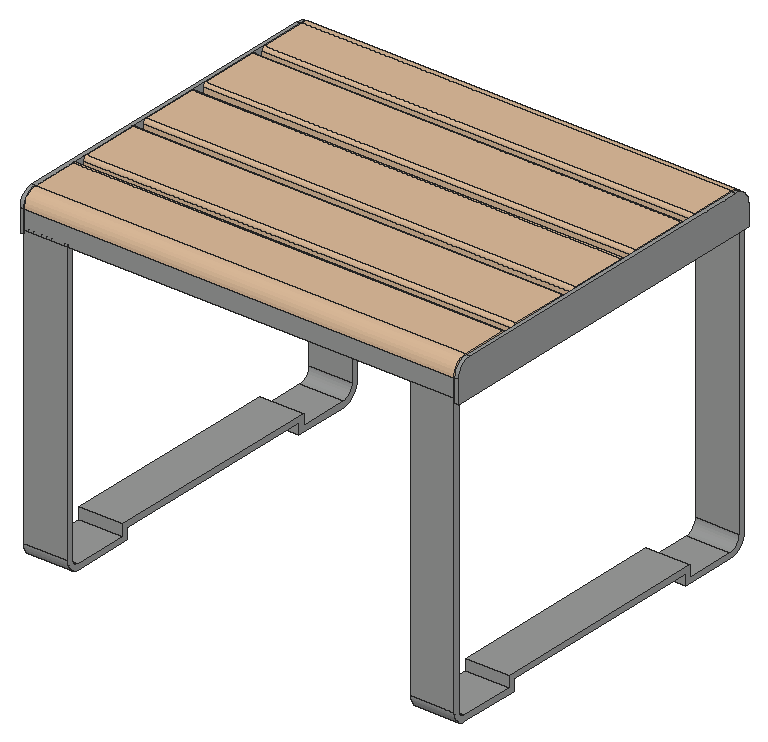
Revit family "1209-S-L", category Meble, Revit 2021
Family settings
  Numer OmniClass = 23.40.20.00
  Tytuł OmniClass = General Furniture and Specialties
  Oparty na płaszczyźnie roboczej = Nie
  Zawsze pionowo = Tak
  Tnij formami wycięć po wczytaniu = Nie
  Współdzielony = Nie
  Punkt obliczania pomieszczeń = Nie
Parameters (values of type "1209-S-L")
  wood = Mobilis Design Wood - Larch
  metal = Mobilis Design RAL 9023
  Width = "50 cm"
  Weight = "20 kg"
  URL = ""
  Product line = "Tucana"
  Product Groups = ""
  Manufacturer = ""
  Keynote = ""
  Description = ""
  Model = "1209-S-L"
  Material = ""
  Maintenance = ""
  Lenght = "60 cm"
  Type Comments = ""
  Mobilis Design Materials = ""
  Hosted on = ""
  Height = "45 cm"
  Domyślna rzędna = 0 mm
  Copyright = "All designs and drawings are the common intellectual property of Lars Laj A/S and Tress and are protected by Danish and international copyright laws."
Reference planes
  plane 1 "front": y = 0
  plane 2: z = 0
  plane 3 "Środek (Lewa/Prawa)": x = 0
Forms (mm)
  Extrusion 1, solid, material "Mobilis Design Wood - Larch" <- "wood"
    sketch origin (0, -299.511, 21.46) x (0, 1, 0) y (0, 0, 1)
      loop
        arc (260.118, 430.04) -> (256.583, 428.576) -> (255.118, 425.04) r 5
        line (255.118, 425.04) -> (255.118, 388.972)
        arc (255.118, 388.972) -> (255.693, 387.586) -> (257.078, 387.012) r 1.96
        line (257.078, 387.012) -> (342.493, 387.012)
        arc (342.493, 387.012) -> (343.908, 387.598) -> (344.493, 389.012) r 2
        line (344.493, 389.012) -> (344.493, 425.04)
        arc (344.493, 425.04) -> (343.029, 428.576) -> (339.493, 430.04) r 5
        line (339.493, 430.04) -> (260.118, 430.04)
    from -296.25 to 295
  Extrusion 2, solid, material "Mobilis Design Wood - Larch" <- "wood"
    sketch origin (0, -401.961, 21.46) x (0, 1, 0) y (0, 0, 1)
      loop
        arc (260.118, 430.04) -> (256.583, 428.576) -> (255.118, 425.04) r 5
        line (255.118, 425.04) -> (255.118, 388.972)
        arc (255.118, 388.972) -> (255.693, 387.586) -> (257.078, 387.012) r 1.96
        line (257.078, 387.012) -> (342.493, 387.012)
        arc (342.493, 387.012) -> (343.908, 387.598) -> (344.493, 389.012) r 2
        line (344.493, 389.012) -> (344.493, 425.04)
        arc (344.493, 425.04) -> (343.029, 428.576) -> (339.493, 430.04) r 5
        line (339.493, 430.04) -> (260.118, 430.04)
    from -296.25 to 295
  Extrusion 3, solid, material "Mobilis Design Wood - Larch" <- "wood"
    sketch origin (0, -504.461, 21.46) x (0, 1, 0) y (0, 0, 1)
      loop
        arc (275.801, 430.04) -> (261.497, 424.045) -> (255.743, 409.642) r 20.061
        line (255.743, 409.642) -> (258.916, 409.642) -> (258.916, 387.013) -> (343.118, 387.013)
        arc (343.118, 387.013) -> (344.532, 387.598) -> (345.117, 389.012) r 1.999
        line (345.117, 389.012) -> (345.117, 425.043)
        arc (345.117, 425.043) -> (343.653, 428.577) -> (340.119, 430.04) r 4.998
        line (340.119, 430.04) -> (275.801, 430.04)
    from -296.25 to 295
  Extrusion 4, solid, material "Mobilis Design Wood - Larch" <- "wood"
    sketch origin (0, -196.961, 22.625) x (0, 1, 0) y (0, 0, 1)
      loop
        arc (260.118, 428.875) -> (256.583, 427.411) -> (255.118, 423.875) r 5
        line (255.118, 423.875) -> (255.118, 387.807)
        arc (255.118, 387.807) -> (255.693, 386.421) -> (257.078, 385.847) r 1.96
        line (257.078, 385.847) -> (342.493, 385.847)
        arc (342.493, 385.847) -> (343.908, 386.433) -> (344.493, 387.847) r 2
        line (344.493, 387.847) -> (344.493, 423.875)
        arc (344.493, 423.875) -> (343.029, 427.411) -> (339.493, 428.875) r 5
        line (339.493, 428.875) -> (260.118, 428.875)
    from -296.25 to 295
  Extrusion 5, solid, material "Mobilis Design RAL 9023" <- "metal", not visible
    sketch origin (0, 0, 0) x (0, 1, 0) y (0, 0, 1)
      loop
        arc (71.187, 451.5) -> (57.045, 445.642) -> (51.187, 431.5) r 20
        line (51.187, 431.5) -> (51.187, 18.231)
        arc (51.187, 18.231) -> (56.527, 5.34) -> (69.418, 0) r 18.231
        line (69.418, 0) -> (153.638, 0) -> (153.638, 15) -> (448.638, 15) -> (448.638, 0) -> (527.023, 0)
        arc (527.023, 0) -> (542.307, 6.331) -> (548.638, 21.615) r 21.615
        line (548.638, 21.615) -> (548.638, 429.407)
        arc (548.638, 429.407) -> (542.168, 445.029) -> (526.545, 451.5) r 22.093
        line (526.545, 451.5) -> (71.187, 451.5)
    from 750.378 to 745
  Extrusion 6, solid, material "Mobilis Design RAL 9023" <- "metal", not visible
    sketch origin (0, 0, 0) x (0, 1, 0) y (0, 0, 1)
      loop
        line (548.638, 396.844) -> (629.375, 854.725) -> (601.836, 859.581)
        arc (601.836, 859.581) -> (585.224, 855.898) -> (576.082, 841.547) r 22.232
        line (576.082, 841.547) -> (507.306, 451.5) -> (526.545, 451.5)
        arc (526.545, 451.5) -> (542.168, 445.029) -> (548.638, 429.407) r 22.093
        line (548.638, 429.407) -> (548.638, 396.844)
    from 745 to 750.378
  Extrusion 7, solid, material "Mobilis Design RAL 9023" <- "metal"
    sketch origin (0, -299.481, 0) x (0, -1, 0) y (0, 0, 1)
      loop
        line (-71.187, 451.5) -> (-526.545, 451.5)
        arc (-526.545, 451.5) -> (-542.168, 445.029) -> (-548.638, 429.407) r 22.093
        line (-548.638, 429.407) -> (-548.638, 400.262) -> (-51.187, 400.262) -> (-51.187, 431.5)
        arc (-51.187, 431.5) -> (-57.045, 445.642) -> (-71.187, 451.5) r 20
    from 301.191 to 296.25
  Extrusion 8, solid, material "Mobilis Design RAL 9023" <- "metal"
    sketch origin (0, -299.481, 0) x (0, 1, 0) y (0, 0, 1)
      loop
        line (548.638, 23.296) -> (548.638, 408.472) -> (51.187, 408.472) -> (51.187, 18.763)
        arc (51.187, 18.763) -> (56.683, 5.495) -> (69.95, 0) r 18.763
        line (69.95, 0) -> (153.638, 0) -> (153.638, 15) -> (448.638, 15) -> (448.638, 0) -> (525.342, 0)
        arc (525.342, 0) -> (541.815, 6.823) -> (548.638, 23.296) r 23.296
      loop
        line (58.687, 400.262) -> (58.687, 18.763)
        arc (58.687, 18.763) -> (61.986, 10.799) -> (69.95, 7.5) r 11.263
        line (69.95, 7.5) -> (146.138, 7.5) -> (146.138, 22.5) -> (456.138, 22.5) -> (456.138, 7.5) -> (525.342, 7.5)
        arc (525.342, 7.5) -> (536.512, 12.127) -> (541.138, 23.296) r 15.796
        line (541.138, 23.296) -> (541.138, 400.262) -> (58.687, 400.262)
    from -296.25 to -236.25
  Extrusion 9, solid, material "Mobilis Design RAL 9023" <- "metal"
    sketch origin (0, -299.481, 0) x (0, 1, 0) y (0, 0, 1)
      loop
        line (53.936, 431.102) -> (51.187, 431.102) -> (51.187, 406.102) -> (75.536, 406.102) -> (75.536, 408.472) -> (53.936, 408.472) -> (53.936, 431.102)
    from -296.25 to 295
  Extrusion 10, solid, material "Mobilis Design Wood - Larch" <- "wood"
    sketch origin (0, 504.523, 21.46) x (0, -1, 0) y (0, 0, -1)
      loop
        line (275.801, -430.04) -> (340.119, -430.04)
        arc (340.119, -430.04) -> (343.653, -428.577) -> (345.117, -425.043) r 4.998
        line (345.117, -425.043) -> (345.117, -389.012)
        arc (345.117, -389.012) -> (344.532, -387.598) -> (343.118, -387.013) r 1.999
        line (343.118, -387.013) -> (258.705, -387.013) -> (258.705, -409.642) -> (255.743, -409.642)
        arc (255.743, -409.642) -> (261.497, -424.045) -> (275.801, -430.04) r 20.061
    from -296.25 to 295
  Extrusion 11, solid, material "Mobilis Design RAL 9023" <- "metal"
    sketch origin (-600, -299.481, 0) x (0, 1, 0) y (0, 0, -1)
      loop
        arc (548.638, -23.296) -> (541.815, -6.823) -> (525.342, 0) r 23.296
        line (525.342, 0) -> (448.638, 0) -> (448.638, -15) -> (153.638, -15) -> (153.638, 0) -> (69.95, 0)
        arc (69.95, 0) -> (56.683, -5.495) -> (51.187, -18.763) r 18.763
        line (51.187, -18.763) -> (51.187, -408.472) -> (548.638, -408.472) -> (548.638, -23.296)
      loop
        line (58.687, -400.262) -> (541.138, -400.262) -> (541.138, -23.296)
        arc (541.138, -23.296) -> (536.512, -12.127) -> (525.342, -7.5) r 15.796
        line (525.342, -7.5) -> (456.138, -7.5) -> (456.138, -22.5) -> (146.138, -22.5) -> (146.138, -7.5) -> (69.95, -7.5)
        arc (69.95, -7.5) -> (61.986, -10.799) -> (58.687, -18.763) r 11.263
        line (58.687, -18.763) -> (58.687, -400.262)
    from -895 to -835
  Extrusion 12, solid, material "Mobilis Design RAL 9023" <- "metal"
    sketch origin (0, 300.382, -0.238) x (0, -1, 0) y (0, 0, -1)
      loop
        line (53.936, -431.102) -> (53.936, -408.472) -> (75.536, -408.472) -> (75.536, -406.102) -> (51.187, -406.102) -> (51.187, -431.102) -> (53.936, -431.102)
    from -296.25 to 295
  Extrusion 13, solid, material "Mobilis Design RAL 9023" <- "metal"
    sketch origin (0, -299.481, 0) x (0, -1, 0) y (0, 0, -1)
      loop
        arc (-71.187, -451.5) -> (-57.045, -445.642) -> (-51.187, -431.5) r 20
        line (-51.187, -431.5) -> (-51.187, -400.262) -> (-548.638, -400.262) -> (-548.638, -429.407)
        arc (-548.638, -429.407) -> (-542.168, -445.029) -> (-526.545, -451.5) r 22.093
        line (-526.545, -451.5) -> (-71.187, -451.5)
    from 301.191 to 296.25
Dimensions and locks
  Extrusion 1 sketch curve to Extrusion 1 sketch curve = 89.375 mm
  Extrusion 1 sketch curve to Extrusion 1 sketch curve = 43.028 mm
  Extrusion 2 sketch curve to Extrusion 2 sketch curve = 89.375 mm
  Extrusion 2 sketch curve to Extrusion 2 sketch curve = 43.028 mm
  Extrusion 3 sketch curve to Extrusion 3 sketch curve = 43.028 mm
  Extrusion 4 sketch curve to Extrusion 4 sketch curve = 89.375 mm
  Extrusion 4 sketch curve to Extrusion 4 sketch curve = 43.028 mm
  Extrusion 10 sketch curve to Extrusion 10 sketch curve = 43.028 mm
  aligned and locked: level to plane 2
